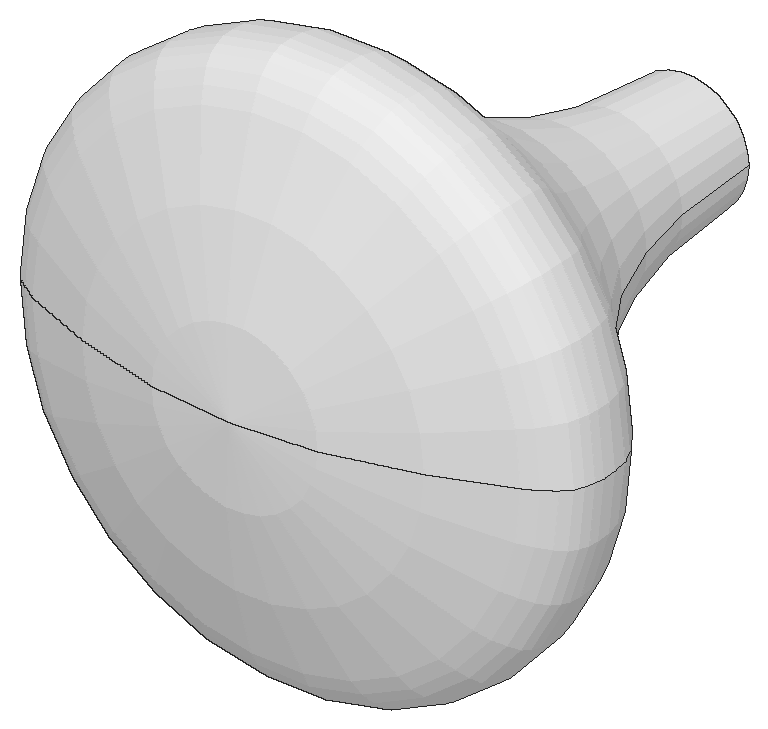
Revit family "Ручка дверная для корпусной мебели гриб", category Обобщенные модели, Revit 2017
Family settings
  Может служить основой для арматурных стержней = Нет
  Размер круглого соединителя = Использовать диаметр
  Тип детали = Нормальный
  На основе рабочей плоскости = Нет
  Всегда вертикально = Да
  При загрузке вырезать с полостями = Нет
  Общий = Нет
  Точка расчета площади = Нет
Parameters (values of type "Тип")
  Keynote = ""
  Группа модели = "ТХ"  # constant formula
Reference planes
  plane 1 "По центру (Вперед/Назад)": y = 0
  plane 2: z = 0
  plane 3 "По центру (Влево/Вправо)": x = 0
  plane 4: y = -30
  plane 5: x = 15
  plane 6: x = -15
Forms (mm)
  Revolve 1, solid, material "Сталь, хромированная"
    sketch origin (0, 0, 0) x (1, 0, 0) y (0, 1, 0)
      loop
        spline (0, -30) -> (4.824, -29.452) -> (8.867, -28.371) -> (12.538, -26.935) -> (14.638, -25.238) -> (14.731, -22.644) -> (12.806, -19.779) -> (10.668, -17.741) -> (8.656, -15.538) -> (6.242, -12.241) -> (4.469, -8.18) -> (3.504, -4.116) -> (3.189, 0)
        line (3.189, 0) -> (0, 0) -> (0, -30)
      axis (0, 0) -> (0, -30)
    angle from 0 to 360
Dimensions and locks
  aligned and locked: level to plane 2
